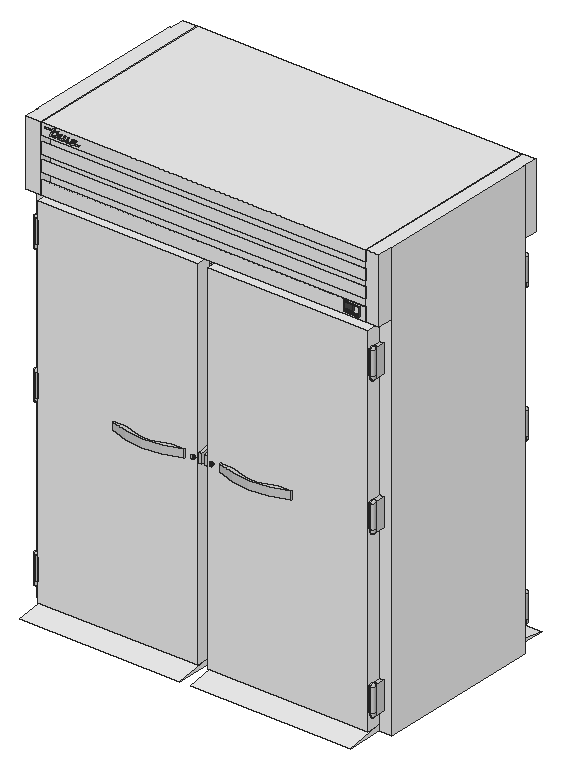
Revit family
Parameters
  Weight in Pounds = 0
  Watts = 4000 W
  Volts = 115 V
  URL Cutsheet = "www.truemfg.com"
  URL = "www.truemfg.com"
  Type Mark [instance] = ""
  Type Comments = ""
  Status [instance] = ""
  Specification by User [instance] = ""
  Specification by Manufacturer = ""
  Show Logo [instance] = yes
  Show Clearance [instance] = yes
  Serial Number = ""
  Seismic Rating = ""
  SMACNA No = ""
  Revision Code [instance] = ""
  Phase = 1
  Omniclass Number and Title = ""
  Number of Poles [instance] = 1
  NAFEM Spec ID Number = ""
  Model = "STG2HRT-2S-2S"
  Min Ckt Ampacity = 0 A
  Max Overcurrent Protection = 0 A
  Masterspec = ""
  Manufacturer = "TRUE FOOD SERVICE EQUIPMENT, INC."
  Length = 68"
  Item Number [instance] = ""
  Installed By [instance] = ""
  Identify Quantity as Lot [instance] = yes
  Height = 83 3/4"
  HP = ""
  Furnished By [instance] = ""
  Foodservice Equipment Identifier [instance] = yes
  FL Amps = Watts / Volts  # 34.7826 A
  Electrical Remarks [instance] = ""
  Electric Connection Type [instance] = ""
  Elec Conn RI Height [instance] = 0"
  Elec Conn Connection Height [instance] = 0"
  Description = "Roll-thru Solid Swing Door Heated Cabinet"
  Depth = 37 1/2"
  Cycle = 60 Hz
  Conn Plug = "14-20P"
  Conn Conduit = yes
  CSI MasterFormat = ""
  CSI Master Format = ""
  Apparent Power = if(Phase = 3, Volts * FL Amps * 1.73, Volts * FL Amps)  # 4000 VA
Reference planes (in)
  plane 1 "BACK": y = 0
  plane 2: z = 0
  plane 3 "LEFT": x = 0
  plane 4 "RIGHT": x = 68
  plane 5 "FRONT": y = -37.5
  plane 6 "TOP": z = 83.75
  plane 7: x = 2.84375
  plane 8: y = -37.4542
  plane 9: x = 34
  plane 10: y = -0.0458
  plane 11: z = 69.90625
Forms (in)
  Extrusion 1, solid, material "QF_Finishes_Chrome - Satin"
    sketch origin (0.05, 0, 0) x (1, 0, 0) y (0, 1, 0)
      loop
        line (-0.05, -2.75) -> (-0.05, -34.75) -> (2.87859, -34.75) -> (2.87859, -2.75) -> (-0.05, -2.75)
    from 0 to 83.75
  Extrusion 2, solid, material "QF_Finishes_Chrome - Satin"
    sketch origin (50.15, 0, 0) x (1, 0, 0) y (0, 1, 0)
      loop
        line (15.15, -2.75) -> (15.15, -34.75) -> (17.85, -34.75) -> (17.85, -2.75) -> (15.15, -2.75)
    from 0 to 83.75
  Extrusion 3, solid, material "QF_Finishes_Chrome - Satin"
    sketch origin (0, 0, 0) x (0, 1, 0) y (0, 0, 1)
      loop
        line (-37.4542, 71.28125) -> (-34.75, 71.28125) -> (-34.75, 68.90625) -> (-2.75, 68.90625) -> (-2.75, 71.28125) -> (-0.0458, 71.28125) -> (-0.0458, 73.94226) -> (-2.25, 72.375) -> (-2.25, 73.65057) -> (-0.0458, 75.21784) -> (-0.0458, 77.31404) -> (-2.25, 75.74678) -> (-2.25, 76.70754) -> (-0.0458, 78.2748) -> (-0.0458, 80.40851) -> (-2.25, 78.84125) -> (-2.25, 79.96352) -> (-0.0458, 81.53078) -> (-0.0458, 83.75) -> (-37.4542, 83.75) -> (-37.4542, 81.53078) -> (-35.25, 79.96352) -> (-35.25, 78.84125) -> (-37.4542, 80.40851) -> (-37.4542, 78.2748) -> (-35.25, 76.70754) -> (-35.25, 75.74678) -> (-37.4542, 77.31404) -> (-37.4542, 75.21784) -> (-35.25, 73.65057) -> (-35.25, 72.375) -> (-37.4542, 73.94226) -> (-37.4542, 71.28125)
      loop
        line (-34.75, 0) -> (-2.75, 0) -> (-2.75, 2) -> (-34.75, 2) -> (-34.75, 0)
    from 2.92859 to 65.3
  Extrusion 4, solid, material "QF_Finishes_Chrome - Satin"
    sketch origin (0, 0, 0) x (1, 0, 0) y (0, 1, 0)
      loop
        line (67.84782, -34.75) -> (65.3, -34.75) -> (65.3, -37.5) -> (67.84782, -37.5) -> (67.84782, -34.75)
      loop
        line (67.84782, -2.75) -> (67.84782, 0) -> (65.3, 0) -> (65.3, -2.75) -> (67.84782, -2.75)
    from 71.28125 to 83.75
  Extrusion 5, solid, material "QF_Finishes_Chrome - Satin"
    sketch origin (-50.125, 0, 0.25) x (1, 0, 0) y (0, 1, 0)
      loop
        line (53.05359, -34.75) -> (50.24109, -34.75) -> (50.24109, -37.5) -> (53.05359, -37.5) -> (53.05359, -34.75)
      loop
        line (53.05359, -2.75) -> (53.05359, 0) -> (50.24109, 0) -> (50.24109, -2.75) -> (53.05359, -2.75)
    from 71.03125 to 83.5
  Extrusion 6, solid, material "QF_Finishes_Handrails and Railings"
    sketch origin (9.34375, -3.83467, -3.5) x (1, 0, 0) y (0, 0, 1)
      loop
        circle (26.4375, 40.0625) r 0.35
      loop
        line (26.47265, 40.33635) -> (26.41715, 40.33635) -> (26.41715, 39.76895) -> (26.47265, 39.76895) -> (26.47265, 40.33635)
    from 33.5 to 33.83066
  Extrusion 7, solid, material "QF_Finishes_Handrails and Railings", visible <- "Show Logo"
    sketch origin (0.33478, -2.68623, 5.13015) x (1, 0, 0) y (0, 0, 1)
      loop
        line (3.46044, 78.08731) -> (3.35478, 77.86073) -> (4.76027, 77.86073)
        arc (4.76027, 77.86073) -> (4.78879, 77.81028) -> (4.76027, 77.75984) r 0.05887
        line (4.76027, 77.75984) -> (4.39369, 76.97372)
        arc (4.39369, 76.97372) -> (4.39051, 76.90091) -> (4.43975, 76.84717) r 0.09523
        line (4.43975, 76.84717) -> (5.33844, 76.84717)
        arc (5.33844, 76.84717) -> (5.45192, 76.88295) -> (5.52436, 76.97735) r 0.19785
        line (5.52436, 76.97735) -> (5.81285, 77.59601) -> (6.0779, 77.59601)
        arc (6.0779, 77.59601) -> (6.14744, 77.57043) -> (6.13737, 77.49703) r 0.05911
        line (6.13737, 77.49703) -> (5.89598, 76.97937)
        arc (5.89598, 76.97937) -> (5.89974, 76.8934) -> (5.97231, 76.84717) r 0.09318
        line (5.97231, 76.84717) -> (6.76198, 76.84717)
        arc (6.76198, 76.84717) -> (6.82249, 76.86919) -> (6.85468, 76.92495) r 0.09412
        arc (6.85468, 76.92495) -> (6.87746, 76.86995) -> (6.93246, 76.84717) r 0.07778
        line (6.93246, 76.84717) -> (7.43246, 76.84717)
        arc (7.43246, 76.84717) -> (7.49022, 76.86265) -> (7.53251, 76.90493) r 0.11552
        arc (7.53251, 76.90493) -> (7.55275, 76.85606) -> (7.60162, 76.83581) r 0.06912
        line (7.60162, 76.83581) -> (8.31225, 76.83581)
        arc (8.31225, 76.83581) -> (8.37034, 76.85988) -> (8.39441, 76.91797) r 0.08216
        arc (8.39441, 76.91797) -> (8.44767, 76.86472) -> (8.52042, 76.84522) r 0.14551
        line (8.52042, 76.84522) -> (9.85158, 76.84522) -> (9.99946, 77.10134) -> (8.65678, 77.10134)
        arc (8.65678, 77.10134) -> (8.61972, 77.12704) -> (8.61834, 77.17211) r 0.05009
        line (8.61834, 77.17211) -> (8.64157, 77.22192)
        arc (8.64157, 77.22192) -> (8.67723, 77.26864) -> (8.73327, 77.28635) r 0.09747
        line (8.73327, 77.28635) -> (9.16485, 77.28635)
        arc (9.16485, 77.28635) -> (9.258, 77.31131) -> (9.32619, 77.3795) r 0.1863
        line (9.32619, 77.3795) -> (9.45119, 77.59601)
        arc (9.45119, 77.59601) -> (9.45119, 77.71157) -> (9.35111, 77.76934) r 0.11556
        line (9.35111, 77.76934) -> (8.89562, 77.76934)
        arc (8.89562, 77.76934) -> (8.7795, 77.74962) -> (8.69849, 77.66412) r 0.18605
        line (8.69849, 77.66412) -> (8.48204, 77.19993)
        arc (8.48204, 77.19993) -> (8.41815, 77.11667) -> (8.31806, 77.08511) r 0.1745
        line (8.31806, 77.08511) -> (7.84559, 77.08511)
        arc (7.84559, 77.08511) -> (7.78903, 77.14684) -> (7.79268, 77.23048) r 0.10939
        line (7.79268, 77.23048) -> (8.04395, 77.76934) -> (7.88403, 77.76934) -> (7.61781, 77.19844)
        arc (7.61781, 77.19844) -> (7.56609, 77.13103) -> (7.48505, 77.10548) r 0.14128
        line (7.48505, 77.10548) -> (7.15925, 77.10548)
        arc (7.15925, 77.10548) -> (7.10419, 77.17723) -> (7.116, 77.26689) r 0.11816
        line (7.116, 77.26689) -> (7.3503, 77.76934) -> (7.18514, 77.76934) -> (6.91546, 77.191)
        arc (6.91546, 77.191) -> (6.85285, 77.12839) -> (6.76733, 77.10548) r 0.17104
        line (6.76733, 77.10548) -> (6.29555, 77.10548)
        arc (6.29555, 77.10548) -> (6.21082, 77.14499) -> (6.20267, 77.23813) r 0.0935
        line (6.20267, 77.23813) -> (6.35774, 77.57069) -> (6.57695, 77.57069)
        arc (6.57695, 77.57069) -> (6.61395, 77.68217) -> (6.69267, 77.76934) r 0.2857
        line (6.69267, 77.76934) -> (5.83605, 77.76934)
        arc (5.83605, 77.76934) -> (5.74086, 77.74824) -> (5.67498, 77.67635) r 0.16212
        line (5.67498, 77.67635) -> (5.44279, 77.17841)
        arc (5.44279, 77.17841) -> (5.3894, 77.12502) -> (5.31647, 77.10548) r 0.14586
        line (5.31647, 77.10548) -> (4.80506, 77.10548)
        arc (4.80506, 77.10548) -> (4.76514, 77.15942) -> (4.77274, 77.22609) r 0.09155
        line (4.77274, 77.22609) -> (5.11018, 77.86073) -> (5.96155, 77.86073) -> (6.06721, 78.08731) -> (5.21584, 78.08731) -> (5.32149, 78.31388) -> (5.01862, 78.31388) -> (4.91297, 78.08731) -> (3.46044, 78.08731)
      loop
        arc (8.83805, 77.56363) -> (8.80119, 77.55375) -> (8.7742, 77.52676) r 0.07373
        line (8.7742, 77.52676) -> (8.75229, 77.45936)
        arc (8.75229, 77.45936) -> (8.76245, 77.43483) -> (8.78699, 77.42466) r 0.0347
        line (8.78699, 77.42466) -> (9.15948, 77.42466)
        arc (9.15948, 77.42466) -> (9.18632, 77.43061) -> (9.20812, 77.44734) r 0.0635
        line (9.20812, 77.44734) -> (9.22624, 77.53122)
        arc (9.22624, 77.53122) -> (9.22091, 77.55368) -> (9.20009, 77.56363) r 0.02676
        line (9.20009, 77.56363) -> (8.83805, 77.56363)
    from 34.76797 to 34.83173
  Extrusion 8, solid, material "QF_Finishes_White"
    sketch origin (-22.74812, -2.7042, -7.90007) x (1, 0, 0) y (0, 0, 1)
      loop
        line (83.81732, 81.35727) -> (83.81732, 79.60996) -> (86.72357, 79.60996) -> (86.72357, 81.35727) -> (83.81732, 81.35727)
    from 34.75 to 34.76797
  Extrusion 9, solid, material "QF_Finishes_Black"
    sketch origin (-22.74812, -2.7042, -7.90007) x (1, 0, 0) y (0, 0, 1)
      loop
        line (86.78607, 81.41977) -> (83.75482, 81.41977) -> (83.75482, 79.54746) -> (86.78607, 79.54746) -> (86.78607, 81.41977)
      loop
        spline (83.95482, 79.87872) -> (83.96333, 79.86254) -> (83.98831, 79.84747) -> (84.02804, 79.83452) -> (84.07982, 79.82459) -> (84.14011, 79.81835) -> (84.20482, 79.81622) -> (84.26952, 79.81835) -> (84.32982, 79.82459) -> (84.38159, 79.83452) -> (84.42132, 79.84747) -> (84.4463, 79.86254) -> (84.45482, 79.87872)
        spline (84.45482, 79.87872) -> (84.4463, 79.89489) -> (84.42132, 79.90997) -> (84.38159, 79.92291) -> (84.32982, 79.93284) -> (84.26952, 79.93909) -> (84.20482, 79.94122) -> (84.14011, 79.93909) -> (84.07982, 79.93284) -> (84.02804, 79.92291) -> (83.98831, 79.90997) -> (83.96333, 79.89489) -> (83.95482, 79.87872)
      loop
        spline (84.65083, 79.87872) -> (84.65935, 79.86254) -> (84.68432, 79.84747) -> (84.72405, 79.83452) -> (84.77583, 79.82459) -> (84.83612, 79.81835) -> (84.90083, 79.81622) -> (84.96553, 79.81835) -> (85.02583, 79.82459) -> (85.07761, 79.83452) -> (85.11734, 79.84747) -> (85.14231, 79.86254) -> (85.15083, 79.87872)
        spline (85.15083, 79.87872) -> (85.14231, 79.89489) -> (85.11734, 79.90997) -> (85.07761, 79.92291) -> (85.02583, 79.93284) -> (84.96553, 79.93909) -> (84.90083, 79.94122) -> (84.83612, 79.93909) -> (84.77583, 79.93284) -> (84.72405, 79.92291) -> (84.68432, 79.90997) -> (84.65935, 79.89489) -> (84.65083, 79.87872)
      loop
        spline (85.40083, 79.87872) -> (85.40935, 79.86254) -> (85.43432, 79.84747) -> (85.47405, 79.83452) -> (85.52583, 79.82459) -> (85.58612, 79.81835) -> (85.65083, 79.81622) -> (85.71553, 79.81835) -> (85.77583, 79.82459) -> (85.82761, 79.83452) -> (85.86734, 79.84747) -> (85.89231, 79.86254) -> (85.90083, 79.87872)
        spline (85.90083, 79.87872) -> (85.89231, 79.89489) -> (85.86734, 79.90997) -> (85.82761, 79.92291) -> (85.77583, 79.93284) -> (85.71553, 79.93909) -> (85.65083, 79.94122) -> (85.58612, 79.93909) -> (85.52583, 79.93284) -> (85.47405, 79.92291) -> (85.43432, 79.90997) -> (85.40935, 79.89489) -> (85.40083, 79.87872)
      loop
        line (83.95481, 81.21978) -> (83.95481, 80.21978) -> (85.65433, 80.21978) -> (85.65433, 81.21978) -> (83.95481, 81.21978)
      loop
        line (86.72357, 81.35727) -> (83.81732, 81.35727) -> (83.81732, 79.60996) -> (86.72357, 79.60996) -> (86.72357, 81.35727)
      loop
        spline (86.15083, 79.87872) -> (86.15935, 79.86254) -> (86.18432, 79.84747) -> (86.22405, 79.83452) -> (86.27583, 79.82459) -> (86.33612, 79.81835) -> (86.40083, 79.81622) -> (86.46553, 79.81835) -> (86.52583, 79.82459) -> (86.57761, 79.83452) -> (86.61734, 79.84747) -> (86.64231, 79.86254) -> (86.65083, 79.87872)
        spline (86.65083, 79.87872) -> (86.64231, 79.89489) -> (86.61734, 79.90997) -> (86.57761, 79.92291) -> (86.52583, 79.93284) -> (86.46553, 79.93909) -> (86.40083, 79.94122) -> (86.33612, 79.93909) -> (86.27583, 79.93284) -> (86.22405, 79.92291) -> (86.18432, 79.90997) -> (86.15935, 79.89489) -> (86.15083, 79.87872)
    from 34.76797 to 34.80335
  Extrusion 10, solid
    sketch origin (-25.125, 0, 0) x (1, 0, 0) y (0, 0, 1)
      loop
        circle (89.875, 81.625) r 0.25
    from 0 to 0.0625
  Blend 11, solid, material "QF_Finishes_Handrails and Railings"
    base sketch origin (60.25, -3.75, -1.5) x (-1, 0, 0) y (0, 0, -1)
      loop
        line (25.25, -38.99169) -> (26, -38.99169) -> (26, -37.24169) -> (25.25, -37.24169) -> (25.25, -38.99169)
    top sketch origin (60.25, 0, -1.5) x (-1, 0, 0) y (0, 0, -1)
      loop
        line (26.18223, -36.6441) -> (25.25, -36.6441) -> (25.25, -39.42643) -> (26.18223, -39.42643) -> (26.18223, -36.6441)
    from 33.57883 to 34.75
  Extrusion 12, solid, material "QF_Finishes_Handrails and Railings"
    sketch origin (66.78125, 0, 2.75) x (0, 1, 0) y (0, 0, -1)
      loop
        line (-34.75, -64.17729) -> (-34.75, -58.86127) -> (-37, -58.86127) -> (-37, -59.57348) -> (-36.56497, -59.57348) -> (-36.56497, -63.97276)
        arc (-36.56497, -63.97276) -> (-36.50506, -64.11738) -> (-36.36044, -64.17729) r 0.20453
        line (-36.36044, -64.17729) -> (-34.75, -64.17729)
    from 0.17506 to 1
  Revolve 13, solid, material "QF_Finishes_Handrails and Railings"
    sketch origin (66.28125, 0, 2.75) x (0, 1, 0) y (0, 0, -1)
      loop
        line (-37.01563, -59.62689) -> (-37.42229, -59.62689) -> (-37.42229, -64.0986)
        arc (-37.42229, -64.0986) -> (-37.28722, -64.35057) -> (-37.01563, -64.43983) r 0.3848
        line (-37.01563, -64.43983) -> (-37.01563, -59.62689)
      loop
        line (-37.01563, -59.57348) -> (-37.01563, -58.67281)
        arc (-37.01563, -58.67281) -> (-37.28264, -58.75883) -> (-37.42229, -59.00212) r 0.38884
        line (-37.42229, -59.00212) -> (-37.42229, -59.57348) -> (-37.01563, -59.57348)
      axis (-37.01563, -58.67281) -> (-37.01563, -64.43983)
    angle from 0 to 360
  Extrusion 14, solid, material "QF_Finishes_Handrails and Railings"
    sketch origin (27.5, -3.82734, 2.7511) x (-1, 0, 0) y (0, 0, -1)
      loop
        line (-38.58509, -64.0986) -> (-38.1875, -64.0986) -> (-38.1875, -59.62579) -> (-38.58509, -59.62579) -> (-38.58509, -64.0986)
    from 32.81497 to 33.59495
  Extrusion 15, solid, material "QF_Finishes_Handrails and Railings"
    sketch origin (66.78125, 0, -24) x (0, 1, 0) y (0, 0, -1)
      loop
        line (-34.75, -64.55229) -> (-34.75, -59.23627) -> (-37, -59.23627) -> (-37, -59.94848) -> (-36.56497, -59.94848) -> (-36.56497, -64.34776)
        arc (-36.56497, -64.34776) -> (-36.50506, -64.49238) -> (-36.36044, -64.55229) r 0.20453
        line (-36.36044, -64.55229) -> (-34.75, -64.55229)
    from 0.17506 to 1
  Revolve 16, solid, material "QF_Finishes_Handrails and Railings"
    sketch origin (66.28125, 0, -24) x (0, 1, 0) y (0, 0, -1)
      loop
        line (-37.01563, -60.00189) -> (-37.42229, -60.00189) -> (-37.42229, -64.4736)
        arc (-37.42229, -64.4736) -> (-37.28722, -64.72557) -> (-37.01563, -64.81483) r 0.3848
        line (-37.01563, -64.81483) -> (-37.01563, -60.00189)
      loop
        line (-37.01563, -59.94848) -> (-37.01563, -59.04781)
        arc (-37.01563, -59.04781) -> (-37.28264, -59.13383) -> (-37.42229, -59.37712) r 0.38884
        line (-37.42229, -59.37712) -> (-37.42229, -59.94848) -> (-37.01563, -59.94848)
      axis (-37.01563, -59.04781) -> (-37.01563, -64.81483)
    angle from 0 to 360
  Extrusion 17, solid, material "QF_Finishes_Handrails and Railings"
    sketch origin (27.5, -3.82734, -23.9989) x (-1, 0, 0) y (0, 0, -1)
      loop
        line (-38.58509, -64.4736) -> (-38.1875, -64.4736) -> (-38.1875, -60.00079) -> (-38.58509, -60.00079) -> (-38.58509, -64.4736)
    from 32.81497 to 33.59495
  Extrusion 18, solid, material "QF_Finishes_Handrails and Railings"
    sketch origin (66.78125, 0, -55.5) x (0, 1, 0) y (0, 0, -1)
      loop
        line (-34.75, -64.55229) -> (-34.75, -59.23627) -> (-37, -59.23627) -> (-37, -59.94848) -> (-36.56497, -59.94848) -> (-36.56497, -64.34776)
        arc (-36.56497, -64.34776) -> (-36.50506, -64.49238) -> (-36.36044, -64.55229) r 0.20453
        line (-36.36044, -64.55229) -> (-34.75, -64.55229)
    from 0.17506 to 1
  Revolve 19, solid, material "QF_Finishes_Handrails and Railings"
    sketch origin (66.28125, 0, -55.5) x (0, 1, 0) y (0, 0, -1)
      loop
        line (-37.01563, -60.00189) -> (-37.42229, -60.00189) -> (-37.42229, -64.4736)
        arc (-37.42229, -64.4736) -> (-37.28722, -64.72557) -> (-37.01563, -64.81483) r 0.3848
        line (-37.01563, -64.81483) -> (-37.01563, -60.00189)
      loop
        line (-37.01563, -59.94848) -> (-37.01563, -59.04781)
        arc (-37.01563, -59.04781) -> (-37.28264, -59.13383) -> (-37.42229, -59.37712) r 0.38884
        line (-37.42229, -59.37712) -> (-37.42229, -59.94848) -> (-37.01563, -59.94848)
      axis (-37.01563, -59.04781) -> (-37.01563, -64.81483)
    angle from 0 to 360
  Extrusion 20, solid, material "QF_Finishes_Handrails and Railings"
    sketch origin (27.5, -3.82734, -55.4989) x (-1, 0, 0) y (0, 0, -1)
      loop
        line (-38.58509, -64.4736) -> (-38.1875, -64.4736) -> (-38.1875, -60.00079) -> (-38.58509, -60.00079) -> (-38.58509, -64.4736)
    from 32.81497 to 33.59495
  Extrusion 21, solid, material "QF_Finishes_Chrome - Satin"
    sketch origin (65.6875, -3.75, 8.03125) x (0, 0, 1) y (0, -1, 0)
      loop
        line (-8.03125, 37.875) -> (-8.03125, 31) -> (-7.03125, 31) -> (-8.03125, 37.875)
    from 0 to -30.6875
  Extrusion 22, solid, material "QF_Finishes_Chrome - Satin"
    sketch origin (59.96875, -3.75, -0.71875) x (-1, 0, 0) y (0, 0, -1)
      loop
        line (26.96875, -1.71875) -> (26.96875, -70.625) -> (57.65625, -70.625) -> (57.65625, -1.71875) -> (26.96875, -1.71875)
      loop
        line (24.96875, -1.71875) -> (-5.71875, -1.71875) -> (-5.71875, -70.625) -> (24.96875, -70.625) -> (24.96875, -1.71875)
    from 31 to 33.75
  Extrusion 23, solid, material "QF_Finishes_Handrails and Railings"
    sketch origin (58.65625, -3.83467, -3.5) x (-1, 0, 0) y (0, 0, -1)
      loop
        circle (26.4375, -40.0625) r 0.35
      loop
        line (26.47265, -40.33635) -> (26.47265, -39.76895) -> (26.41715, -39.76895) -> (26.41715, -40.33635) -> (26.47265, -40.33635)
    from 33.5 to 33.83066
  Blend 24, solid, material "QF_Finishes_Handrails and Railings"
    base sketch origin (7.75, -3.75, -1.5) x (1, 0, 0) y (0, 0, 1)
      loop
        line (25.25, 38.99169) -> (25.25, 37.24169) -> (26, 37.24169) -> (26, 38.99169) -> (25.25, 38.99169)
    top sketch origin (7.75, 0, -1.5) x (1, 0, 0) y (0, 0, 1)
      loop
        line (26.18223, 36.6441) -> (26.18223, 39.42643) -> (25.25, 39.42643) -> (25.25, 36.6441) -> (26.18223, 36.6441)
    from 33.57883 to 34.75
  Extrusion 25, solid, material "QF_Finishes_Handrails and Railings"
    sketch origin (1.21875, 0, 2.75) x (0, 1, 0) y (0, 0, 1)
      loop
        line (-34.75, 64.17729) -> (-36.36044, 64.17729)
        arc (-36.36044, 64.17729) -> (-36.50506, 64.11738) -> (-36.56497, 63.97276) r 0.20453
        line (-36.56497, 63.97276) -> (-36.56497, 59.57348) -> (-37, 59.57348) -> (-37, 58.86127) -> (-34.75, 58.86127) -> (-34.75, 64.17729)
    from 0.17506 to 1
  Revolve 26, solid, material "QF_Finishes_Handrails and Railings"
    sketch origin (1.71875, 0, 2.75) x (0, 1, 0) y (0, 0, 1)
      loop
        line (-37.01563, 59.62689) -> (-37.01563, 64.43983)
        arc (-37.01563, 64.43983) -> (-37.28722, 64.35057) -> (-37.42229, 64.0986) r 0.3848
        line (-37.42229, 64.0986) -> (-37.42229, 59.62689) -> (-37.01563, 59.62689)
      loop
        line (-37.01563, 59.57348) -> (-37.42229, 59.57348) -> (-37.42229, 59.00212)
        arc (-37.42229, 59.00212) -> (-37.28264, 58.75883) -> (-37.01563, 58.67281) r 0.38884
        line (-37.01563, 58.67281) -> (-37.01563, 59.57348)
      axis (-37.01563, 58.67281) -> (-37.01563, 64.43983)
    angle from 0 to 360
  Extrusion 27, solid, material "QF_Finishes_Handrails and Railings"
    sketch origin (40.5, -3.82734, 2.7511) x (1, 0, 0) y (0, 0, 1)
      loop
        line (-38.58509, 64.0986) -> (-38.58509, 59.62579) -> (-38.1875, 59.62579) -> (-38.1875, 64.0986) -> (-38.58509, 64.0986)
    from 32.81497 to 33.59495
  Extrusion 28, solid, material "QF_Finishes_Handrails and Railings"
    sketch origin (1.21875, 0, -24) x (0, 1, 0) y (0, 0, 1)
      loop
        line (-34.75, 64.55229) -> (-36.36044, 64.55229)
        arc (-36.36044, 64.55229) -> (-36.50506, 64.49238) -> (-36.56497, 64.34776) r 0.20453
        line (-36.56497, 64.34776) -> (-36.56497, 59.94848) -> (-37, 59.94848) -> (-37, 59.23627) -> (-34.75, 59.23627) -> (-34.75, 64.55229)
    from 0.17506 to 1
  Revolve 29, solid, material "QF_Finishes_Handrails and Railings"
    sketch origin (1.71875, 0, -24) x (0, 1, 0) y (0, 0, 1)
      loop
        line (-37.01563, 60.00189) -> (-37.01563, 64.81483)
        arc (-37.01563, 64.81483) -> (-37.28722, 64.72557) -> (-37.42229, 64.4736) r 0.3848
        line (-37.42229, 64.4736) -> (-37.42229, 60.00189) -> (-37.01563, 60.00189)
      loop
        line (-37.01563, 59.94848) -> (-37.42229, 59.94848) -> (-37.42229, 59.37712)
        arc (-37.42229, 59.37712) -> (-37.28264, 59.13383) -> (-37.01563, 59.04781) r 0.38884
        line (-37.01563, 59.04781) -> (-37.01563, 59.94848)
      axis (-37.01563, 59.04781) -> (-37.01563, 64.81483)
    angle from 0 to 360
  Extrusion 30, solid, material "QF_Finishes_Handrails and Railings"
    sketch origin (40.5, -3.82734, -23.9989) x (1, 0, 0) y (0, 0, 1)
      loop
        line (-38.58509, 64.4736) -> (-38.58509, 60.00079) -> (-38.1875, 60.00079) -> (-38.1875, 64.4736) -> (-38.58509, 64.4736)
    from 32.81497 to 33.59495
  Extrusion 31, solid, material "QF_Finishes_Handrails and Railings"
    sketch origin (1.21875, 0, -55.5) x (0, 1, 0) y (0, 0, 1)
      loop
        line (-34.75, 64.55229) -> (-36.36044, 64.55229)
        arc (-36.36044, 64.55229) -> (-36.50506, 64.49238) -> (-36.56497, 64.34776) r 0.20453
        line (-36.56497, 64.34776) -> (-36.56497, 59.94848) -> (-37, 59.94848) -> (-37, 59.23627) -> (-34.75, 59.23627) -> (-34.75, 64.55229)
    from 0.17506 to 1
  Revolve 32, solid, material "QF_Finishes_Handrails and Railings"
    sketch origin (1.71875, 0, -55.5) x (0, 1, 0) y (0, 0, 1)
      loop
        line (-37.01563, 60.00189) -> (-37.01563, 64.81483)
        arc (-37.01563, 64.81483) -> (-37.28722, 64.72557) -> (-37.42229, 64.4736) r 0.3848
        line (-37.42229, 64.4736) -> (-37.42229, 60.00189) -> (-37.01563, 60.00189)
      loop
        line (-37.01563, 59.94848) -> (-37.42229, 59.94848) -> (-37.42229, 59.37712)
        arc (-37.42229, 59.37712) -> (-37.28264, 59.13383) -> (-37.01563, 59.04781) r 0.38884
        line (-37.01563, 59.04781) -> (-37.01563, 59.94848)
      axis (-37.01563, 59.04781) -> (-37.01563, 64.81483)
    angle from 0 to 360
  Extrusion 33, solid, material "QF_Finishes_Handrails and Railings"
    sketch origin (40.5, -3.82734, -55.4989) x (1, 0, 0) y (0, 0, 1)
      loop
        line (-38.58509, 64.4736) -> (-38.58509, 60.00079) -> (-38.1875, 60.00079) -> (-38.1875, 64.4736) -> (-38.58509, 64.4736)
    from 32.81497 to 33.59495
  Extrusion 34, solid, material "QF_Finishes_Chrome - Satin"
    sketch origin (2.3125, -3.75, 8.03125) x (0, 0, 1) y (0, 1, 0)
      loop
        line (-8.03125, -37.875) -> (-7.03125, -31) -> (-8.03125, -31) -> (-8.03125, -37.875)
    from 0 to -30.6875
  Extrusion 35, solid, material "QF_Finishes_Door Clearance", visible <- "Show Clearance", detail levels coarse
    sketch origin (32.71875, -3.75, 1) x (0, 1, 0) y (1, 0, 0)
      loop
        line (-33.75, -30.40625) -> (-33.75, 0.28125)
        arc (-33.75, 0.28125) -> (-55.44934, -8.70691) -> (-64.4375, -30.40625) r 30.6875
        line (-64.4375, -30.40625) -> (-33.75, -30.40625)
      loop
        line (-33.75, 32.96875) -> (-64.4375, 32.96875)
        arc (-64.4375, 32.96875) -> (-55.44934, 11.26941) -> (-33.75, 2.28125) r 30.6875
        line (-33.75, 2.28125) -> (-33.75, 32.96875)
    from 0 to -68.90625
  Extrusion 36, solid, material "QF_Finishes_Chrome - Satin"
    sketch origin (8.03125, -33.75, -0.71875) x (1, 0, 0) y (0, 0, -1)
      loop
        line (26.96875, -1.71875) -> (26.96875, -70.625) -> (57.65625, -70.625) -> (57.65625, -1.71875) -> (26.96875, -1.71875)
    from 31 to 33.75
  Extrusion 37, solid, material "QF_Finishes_Handrails and Railings"
    sketch origin (91.34375, -37.25, 24.93519) x (-1, 0, 0) y (0, -1, 0)
      loop
        line (53.875, -37.25) -> (51.475, -37.25)
        arc (51.475, -37.25) -> (47.075, -38.40816) -> (42.675, -37.25) r 8.93715
        line (42.675, -37.25) -> (40.275, -37.25) -> (40.275, -37.45)
        arc (40.275, -37.45) -> (47.075, -38.89405) -> (53.875, -37.45) r 16.7325
        line (53.875, -37.45) -> (53.875, -37.25)
    from 10.87731 to 12.37731
  Extrusion 38, solid, material "QF_Finishes_Handrails and Railings"
    sketch origin (9.34375, -33.66533, -3.5) x (1, 0, 0) y (0, 0, -1)
      loop
        circle (26.4375, -40.0625) r 0.35
      loop
        line (26.47265, -40.33635) -> (26.47265, -39.76895) -> (26.41715, -39.76895) -> (26.41715, -40.33635) -> (26.47265, -40.33635)
    from 33.5 to 33.83066
  Blend 39, solid, material "QF_Finishes_Handrails and Railings"
    base sketch origin (60.25, -33.75, -1.5) x (-1, 0, 0) y (0, 0, 1)
      loop
        line (25.25, 38.99169) -> (25.25, 37.24169) -> (26, 37.24169) -> (26, 38.99169) -> (25.25, 38.99169)
    top sketch origin (60.25, -37.5, -1.5) x (-1, 0, 0) y (0, 0, 1)
      loop
        line (26.18223, 36.6441) -> (26.18223, 39.42643) -> (25.25, 39.42643) -> (25.25, 36.6441) -> (26.18223, 36.6441)
    from 33.57883 to 34.75
  Extrusion 40, solid, material "QF_Finishes_Handrails and Railings"
    sketch origin (66.78125, -37.5, 2.75) x (0, -1, 0) y (0, 0, 1)
      loop
        line (-34.75, 64.17729) -> (-36.36044, 64.17729)
        arc (-36.36044, 64.17729) -> (-36.50506, 64.11738) -> (-36.56497, 63.97276) r 0.20453
        line (-36.56497, 63.97276) -> (-36.56497, 59.57348) -> (-37, 59.57348) -> (-37, 58.86127) -> (-34.75, 58.86127) -> (-34.75, 64.17729)
    from 0.17506 to 1
  Revolve 41, solid, material "QF_Finishes_Handrails and Railings"
    sketch origin (66.28125, -37.5, 2.75) x (0, -1, 0) y (0, 0, 1)
      loop
        line (-37.01563, 59.62689) -> (-37.01563, 64.43983)
        arc (-37.01563, 64.43983) -> (-37.28722, 64.35057) -> (-37.42229, 64.0986) r 0.3848
        line (-37.42229, 64.0986) -> (-37.42229, 59.62689) -> (-37.01563, 59.62689)
      loop
        line (-37.01563, 59.57348) -> (-37.42229, 59.57348) -> (-37.42229, 59.00212)
        arc (-37.42229, 59.00212) -> (-37.28264, 58.75883) -> (-37.01563, 58.67281) r 0.38884
        line (-37.01563, 58.67281) -> (-37.01563, 59.57348)
      axis (-37.01563, 58.67281) -> (-37.01563, 64.43983)
    angle from 0 to 360
  Extrusion 42, solid, material "QF_Finishes_Handrails and Railings"
    sketch origin (27.5, -33.67266, 2.7511) x (-1, 0, 0) y (0, 0, 1)
      loop
        line (-38.58509, 64.0986) -> (-38.58509, 59.62579) -> (-38.1875, 59.62579) -> (-38.1875, 64.0986) -> (-38.58509, 64.0986)
    from 32.81497 to 33.59495
  Extrusion 43, solid, material "QF_Finishes_Handrails and Railings"
    sketch origin (66.78125, -37.5, -24) x (0, -1, 0) y (0, 0, 1)
      loop
        line (-34.75, 64.55229) -> (-36.36044, 64.55229)
        arc (-36.36044, 64.55229) -> (-36.50506, 64.49238) -> (-36.56497, 64.34776) r 0.20453
        line (-36.56497, 64.34776) -> (-36.56497, 59.94848) -> (-37, 59.94848) -> (-37, 59.23627) -> (-34.75, 59.23627) -> (-34.75, 64.55229)
    from 0.17506 to 1
  Revolve 44, solid, material "QF_Finishes_Handrails and Railings"
    sketch origin (66.28125, -37.5, -24) x (0, -1, 0) y (0, 0, 1)
      loop
        line (-37.01563, 60.00189) -> (-37.01563, 64.81483)
        arc (-37.01563, 64.81483) -> (-37.28722, 64.72557) -> (-37.42229, 64.4736) r 0.3848
        line (-37.42229, 64.4736) -> (-37.42229, 60.00189) -> (-37.01563, 60.00189)
      loop
        line (-37.01563, 59.94848) -> (-37.42229, 59.94848) -> (-37.42229, 59.37712)
        arc (-37.42229, 59.37712) -> (-37.28264, 59.13383) -> (-37.01563, 59.04781) r 0.38884
        line (-37.01563, 59.04781) -> (-37.01563, 59.94848)
      axis (-37.01563, 59.04781) -> (-37.01563, 64.81483)
    angle from 0 to 360
  Extrusion 45, solid, material "QF_Finishes_Handrails and Railings"
    sketch origin (27.5, -33.67266, -23.9989) x (-1, 0, 0) y (0, 0, 1)
      loop
        line (-38.58509, 64.4736) -> (-38.58509, 60.00079) -> (-38.1875, 60.00079) -> (-38.1875, 64.4736) -> (-38.58509, 64.4736)
    from 32.81497 to 33.59495
  Extrusion 46, solid, material "QF_Finishes_Handrails and Railings"
    sketch origin (66.78125, -37.5, -55.5) x (0, -1, 0) y (0, 0, 1)
      loop
        line (-34.75, 64.55229) -> (-36.36044, 64.55229)
        arc (-36.36044, 64.55229) -> (-36.50506, 64.49238) -> (-36.56497, 64.34776) r 0.20453
        line (-36.56497, 64.34776) -> (-36.56497, 59.94848) -> (-37, 59.94848) -> (-37, 59.23627) -> (-34.75, 59.23627) -> (-34.75, 64.55229)
    from 0.17506 to 1
  Revolve 47, solid, material "QF_Finishes_Handrails and Railings"
    sketch origin (66.28125, -37.5, -55.5) x (0, -1, 0) y (0, 0, 1)
      loop
        line (-37.01563, 60.00189) -> (-37.01563, 64.81483)
        arc (-37.01563, 64.81483) -> (-37.28722, 64.72557) -> (-37.42229, 64.4736) r 0.3848
        line (-37.42229, 64.4736) -> (-37.42229, 60.00189) -> (-37.01563, 60.00189)
      loop
        line (-37.01563, 59.94848) -> (-37.42229, 59.94848) -> (-37.42229, 59.37712)
        arc (-37.42229, 59.37712) -> (-37.28264, 59.13383) -> (-37.01563, 59.04781) r 0.38884
        line (-37.01563, 59.04781) -> (-37.01563, 59.94848)
      axis (-37.01563, 59.04781) -> (-37.01563, 64.81483)
    angle from 0 to 360
  Extrusion 48, solid, material "QF_Finishes_Handrails and Railings"
    sketch origin (27.5, -33.67266, -55.4989) x (-1, 0, 0) y (0, 0, 1)
      loop
        line (-38.58509, 64.4736) -> (-38.58509, 60.00079) -> (-38.1875, 60.00079) -> (-38.1875, 64.4736) -> (-38.58509, 64.4736)
    from 32.81497 to 33.59495
  Extrusion 49, solid, material "QF_Finishes_Chrome - Satin"
    sketch origin (65.6875, -33.75, 8.03125) x (0, 0, 1) y (0, -1, 0)
      loop
        line (-8.03125, -37.875) -> (-7.03125, -31) -> (-8.03125, -31) -> (-8.03125, -37.875)
    from 0 to -30.6875
  Extrusion 50, solid, material "QF_Finishes_Chrome - Satin"
    sketch origin (59.96875, -33.75, -0.71875) x (-1, 0, 0) y (0, 0, 1)
      loop
        line (26.96875, 1.71875) -> (57.65625, 1.71875) -> (57.65625, 70.625) -> (26.96875, 70.625) -> (26.96875, 1.71875)
    from 31 to 33.75
  Extrusion 51, solid, material "QF_Finishes_Handrails and Railings"
    sketch origin (-23.34375, -37.25, 24.93519) x (-1, 0, 0) y (0, -1, 0)
      loop
        line (-53.875, -37.25) -> (-53.875, -37.45)
        arc (-53.875, -37.45) -> (-47.075, -38.89405) -> (-40.275, -37.45) r 16.7325
        line (-40.275, -37.45) -> (-40.275, -37.25) -> (-42.675, -37.25)
        arc (-42.675, -37.25) -> (-47.075, -38.40816) -> (-51.475, -37.25) r 8.93715
        line (-51.475, -37.25) -> (-53.875, -37.25)
    from 10.87731 to 12.37731
  Extrusion 52, solid, material "QF_Finishes_Handrails and Railings"
    sketch origin (58.65625, -33.66533, -3.5) x (-1, 0, 0) y (0, 0, 1)
      loop
        circle (26.4375, 40.0625) r 0.35
      loop
        line (26.47265, 40.33635) -> (26.41715, 40.33635) -> (26.41715, 39.76895) -> (26.47265, 39.76895) -> (26.47265, 40.33635)
    from 33.5 to 33.83066
  Blend 53, solid, material "QF_Finishes_Handrails and Railings"
    base sketch origin (7.75, -33.75, -1.5) x (1, 0, 0) y (0, 0, -1)
      loop
        line (25.25, -38.99169) -> (26, -38.99169) -> (26, -37.24169) -> (25.25, -37.24169) -> (25.25, -38.99169)
    top sketch origin (7.75, -37.5, -1.5) x (1, 0, 0) y (0, 0, -1)
      loop
        line (26.18223, -36.6441) -> (25.25, -36.6441) -> (25.25, -39.42643) -> (26.18223, -39.42643) -> (26.18223, -36.6441)
    from 33.57883 to 34.75
  Extrusion 54, solid, material "QF_Finishes_Handrails and Railings"
    sketch origin (1.21875, -37.5, 2.75) x (0, -1, 0) y (0, 0, -1)
      loop
        line (-34.75, -64.17729) -> (-34.75, -58.86127) -> (-37, -58.86127) -> (-37, -59.57348) -> (-36.56497, -59.57348) -> (-36.56497, -63.97276)
        arc (-36.56497, -63.97276) -> (-36.50506, -64.11738) -> (-36.36044, -64.17729) r 0.20453
        line (-36.36044, -64.17729) -> (-34.75, -64.17729)
    from 0.17506 to 1
  Revolve 55, solid, material "QF_Finishes_Handrails and Railings"
    sketch origin (1.71875, -37.5, 2.75) x (0, -1, 0) y (0, 0, -1)
      loop
        line (-37.01563, -59.62689) -> (-37.42229, -59.62689) -> (-37.42229, -64.0986)
        arc (-37.42229, -64.0986) -> (-37.28722, -64.35057) -> (-37.01563, -64.43983) r 0.3848
        line (-37.01563, -64.43983) -> (-37.01563, -59.62689)
      loop
        line (-37.01563, -59.57348) -> (-37.01563, -58.67281)
        arc (-37.01563, -58.67281) -> (-37.28264, -58.75883) -> (-37.42229, -59.00212) r 0.38884
        line (-37.42229, -59.00212) -> (-37.42229, -59.57348) -> (-37.01563, -59.57348)
      axis (-37.01563, -58.67281) -> (-37.01563, -64.43983)
    angle from 0 to 360
  Extrusion 56, solid, material "QF_Finishes_Handrails and Railings"
    sketch origin (40.5, -33.67266, 2.7511) x (1, 0, 0) y (0, 0, -1)
      loop
        line (-38.58509, -64.0986) -> (-38.1875, -64.0986) -> (-38.1875, -59.62579) -> (-38.58509, -59.62579) -> (-38.58509, -64.0986)
    from 32.81497 to 33.59495
  Extrusion 57, solid, material "QF_Finishes_Handrails and Railings"
    sketch origin (1.21875, -37.5, -24) x (0, -1, 0) y (0, 0, -1)
      loop
        line (-34.75, -64.55229) -> (-34.75, -59.23627) -> (-37, -59.23627) -> (-37, -59.94848) -> (-36.56497, -59.94848) -> (-36.56497, -64.34776)
        arc (-36.56497, -64.34776) -> (-36.50506, -64.49238) -> (-36.36044, -64.55229) r 0.20453
        line (-36.36044, -64.55229) -> (-34.75, -64.55229)
    from 0.17506 to 1
  Revolve 58, solid, material "QF_Finishes_Handrails and Railings"
    sketch origin (1.71875, -37.5, -24) x (0, -1, 0) y (0, 0, -1)
      loop
        line (-37.01563, -60.00189) -> (-37.42229, -60.00189) -> (-37.42229, -64.4736)
        arc (-37.42229, -64.4736) -> (-37.28722, -64.72557) -> (-37.01563, -64.81483) r 0.3848
        line (-37.01563, -64.81483) -> (-37.01563, -60.00189)
      loop
        line (-37.01563, -59.94848) -> (-37.01563, -59.04781)
        arc (-37.01563, -59.04781) -> (-37.28264, -59.13383) -> (-37.42229, -59.37712) r 0.38884
        line (-37.42229, -59.37712) -> (-37.42229, -59.94848) -> (-37.01563, -59.94848)
      axis (-37.01563, -59.04781) -> (-37.01563, -64.81483)
    angle from 0 to 360
  Extrusion 59, solid, material "QF_Finishes_Handrails and Railings"
    sketch origin (40.5, -33.67266, -23.9989) x (1, 0, 0) y (0, 0, -1)
      loop
        line (-38.58509, -64.4736) -> (-38.1875, -64.4736) -> (-38.1875, -60.00079) -> (-38.58509, -60.00079) -> (-38.58509, -64.4736)
    from 32.81497 to 33.59495
  Extrusion 60, solid, material "QF_Finishes_Handrails and Railings"
    sketch origin (1.21875, -37.5, -55.5) x (0, -1, 0) y (0, 0, -1)
      loop
        line (-34.75, -64.55229) -> (-34.75, -59.23627) -> (-37, -59.23627) -> (-37, -59.94848) -> (-36.56497, -59.94848) -> (-36.56497, -64.34776)
        arc (-36.56497, -64.34776) -> (-36.50506, -64.49238) -> (-36.36044, -64.55229) r 0.20453
        line (-36.36044, -64.55229) -> (-34.75, -64.55229)
    from 0.17506 to 1
  Revolve 61, solid, material "QF_Finishes_Handrails and Railings"
    sketch origin (1.71875, -37.5, -55.5) x (0, -1, 0) y (0, 0, -1)
      loop
        line (-37.01563, -60.00189) -> (-37.42229, -60.00189) -> (-37.42229, -64.4736)
        arc (-37.42229, -64.4736) -> (-37.28722, -64.72557) -> (-37.01563, -64.81483) r 0.3848
        line (-37.01563, -64.81483) -> (-37.01563, -60.00189)
      loop
        line (-37.01563, -59.94848) -> (-37.01563, -59.04781)
        arc (-37.01563, -59.04781) -> (-37.28264, -59.13383) -> (-37.42229, -59.37712) r 0.38884
        line (-37.42229, -59.37712) -> (-37.42229, -59.94848) -> (-37.01563, -59.94848)
      axis (-37.01563, -59.04781) -> (-37.01563, -64.81483)
    angle from 0 to 360
  Extrusion 62, solid, material "QF_Finishes_Handrails and Railings"
    sketch origin (40.5, -33.67266, -55.4989) x (1, 0, 0) y (0, 0, -1)
      loop
        line (-38.58509, -64.4736) -> (-38.1875, -64.4736) -> (-38.1875, -60.00079) -> (-38.58509, -60.00079) -> (-38.58509, -64.4736)
    from 32.81497 to 33.59495
  Extrusion 63, solid, material "QF_Finishes_Chrome - Satin"
    sketch origin (2.3125, -33.75, 8.03125) x (0, 0, 1) y (0, 1, 0)
      loop
        line (-8.03125, 37.875) -> (-8.03125, 31) -> (-7.03125, 31) -> (-8.03125, 37.875)
    from 0 to -30.6875
  Extrusion 64, solid, material "QF_Finishes_Door Clearance", visible <- "Show Clearance", detail levels coarse
    sketch origin (32.71875, -33.75, 1) x (0, 1, 0) y (1, 0, 0)
      loop
        line (33.75, -30.40625) -> (64.4375, -30.40625)
        arc (64.4375, -30.40625) -> (55.44934, -8.70691) -> (33.75, 0.28125) r 30.6875
        line (33.75, 0.28125) -> (33.75, -30.40625)
      loop
        line (33.75, 32.96875) -> (33.75, 2.28125)
        arc (33.75, 2.28125) -> (55.44934, 11.26941) -> (64.4375, 32.96875) r 30.6875
        line (64.4375, 32.96875) -> (33.75, 32.96875)
    from 0 to -68.90625
  Extrusion 65, solid, material "QF_Finishes_Chrome - Satin"
    sketch origin (0, -37.5, 2) x (0, 1, 0) y (-1, 0, 0)
      loop
        line (3.75, -32) -> (2.75, -32) -> (2.75, -36) -> (3.75, -36) -> (3.75, -32)
      loop
        line (33.75, -32) -> (33.75, -36) -> (34.75, -36) -> (34.75, -32) -> (33.75, -32)
    from 0 to 66.90625
  Extrusion 66, solid, material "QF_Finishes_Handrails and Railings"
    sketch origin (91.34375, -0.25, 24.93519) x (1, 0, 0) y (0, 1, 0)
      loop
        line (-53.875, -37.25) -> (-53.875, -37.45)
        arc (-53.875, -37.45) -> (-47.075, -38.89405) -> (-40.275, -37.45) r 16.7325
        line (-40.275, -37.45) -> (-40.275, -37.25) -> (-42.675, -37.25)
        arc (-42.675, -37.25) -> (-47.075, -38.40816) -> (-51.475, -37.25) r 8.93715
        line (-51.475, -37.25) -> (-53.875, -37.25)
    from 10.87731 to 12.37731
  Extrusion 67, solid, material "QF_Finishes_Handrails and Railings"
    sketch origin (-23.34375, -0.25, 24.93519) x (1, 0, 0) y (0, 1, 0)
      loop
        line (53.875, -37.25) -> (51.475, -37.25)
        arc (51.475, -37.25) -> (47.075, -38.40816) -> (42.675, -37.25) r 8.93715
        line (42.675, -37.25) -> (40.275, -37.25) -> (40.275, -37.45)
        arc (40.275, -37.45) -> (47.075, -38.89405) -> (53.875, -37.45) r 16.7325
        line (53.875, -37.45) -> (53.875, -37.25)
    from 10.87731 to 12.37731
Cuts and joins
  joined: Extrusion 1, Extrusion 2, Extrusion 4, Extrusion 5
Lines and regions (in)
  symbolic lines
    curve 1: line (0, 0, 0) -> (68, 0, 0)
    curve 2: line (0, -37.5, 0) -> (0, 0, 0)
    curve 3: line (68, -37.5, 0) -> (0, -37.5, 0)
    curve 4: line (68, 0, 0) -> (68, -37.5, 0)
    curve 5: line (68, -35.25, 0) -> (0, -35.25, 0)
    curve 10: arc (28.13125, 0, 0) -> (23.73125, 1.15816, 0) -> (19.33125, 0, 0) r 8.93715
    curve 11: arc (16.93125, 0.2, 0) -> (23.73125, 1.64405, 0) -> (30.53125, 0.2, 0) r 16.7325
    curve 12: line (16.93125, 0, 0) -> (16.93125, 0.2, 0)
    curve 13: line (30.53125, 0.2, 0) -> (30.53125, 0, 0)
    curve 14: arc (48.66875, 0, 0) -> (44.26875, 1.15816, 0) -> (39.86875, 0, 0) r 8.93715
    curve 15: arc (37.46875, 0.2, 0) -> (44.26875, 1.64405, 0) -> (51.06875, 0.2, 0) r 16.7325
    curve 16: line (37.46875, 0, 0) -> (37.46875, 0.2, 0)
    curve 17: line (51.06875, 0.2, 0) -> (51.06875, 0, 0)
    curve 22: line (68, -2.25, 0) -> (0, -2.25, 0)
    curve 23: arc (28.13125, -37.5, 0) -> (23.73125, -38.65816, 0) -> (19.33125, -37.5, 0) r 8.93715
    curve 24: arc (16.93125, -37.7, 0) -> (23.73125, -39.14405, 0) -> (30.53125, -37.7, 0) r 16.7325
    curve 25: line (16.93125, -37.5, 0) -> (16.93125, -37.7, 0)
    curve 26: line (30.53125, -37.7, 0) -> (30.53125, -37.5, 0)
    curve 27: arc (48.66875, -37.5, 0) -> (44.26875, -38.65816, 0) -> (39.86875, -37.5, 0) r 8.93715
    curve 28: arc (37.46875, -37.7, 0) -> (44.26875, -39.14405, 0) -> (51.06875, -37.7, 0) r 16.7325
    curve 29: line (37.46875, -37.5, 0) -> (37.46875, -37.7, 0)
    curve 30: line (51.06875, -37.7, 0) -> (51.06875, -37.5, 0)
  symbolic lines, style "QF_Door Swings", visible <- "Show Clearance", detail levels coarse
    curve 6: line (2.3125, -37.5, 0) -> (2.3125, -68.1875, 0)
    curve 7: arc (33, -37.5, 0) -> (24.01184, -59.19934, 0) -> (2.3125, -68.1875, 0) r 30.6875
    curve 8: arc (65.6875, -68.1875, 0) -> (43.98816, -59.19934, 0) -> (35, -37.5, 0) r 30.6875
    curve 9: line (65.6875, -68.1875, 0) -> (65.6875, -37.5, 0)
    curve 18: line (2.3125, 0, 0) -> (2.3125, 30.6875, 0)
    curve 19: arc (33, 0, 0) -> (24.01184, 21.69934, 0) -> (2.3125, 30.6875, 0) r 30.6875
    curve 20: arc (65.6875, 30.6875, 0) -> (43.98816, 21.69934, 0) -> (35, 0, 0) r 30.6875
    curve 21: line (65.6875, 30.6875, 0) -> (65.6875, 0, 0)
Dimensions and locks (in)
  "Depth": plane 5 "FRONT" to plane 1 "BACK"
  plane 6 "TOP" to level = 83 3/4"  (x2)
  "Length": plane 3 "LEFT" to plane 4 "RIGHT"
  plane 4 "RIGHT" to plane 3 "LEFT" = 68"
  equal spacing: plane 3 "LEFT", plane 9, plane 4 "RIGHT"
  Extrusion 36 sketch curve to Extrusion 36 sketch curve = 30 11/16"
  Extrusion 50 sketch curve to Extrusion 50 sketch curve = 30 11/16"
  plane 11 to level = 69 29/32"
  aligned and locked: level to plane 2
Automatic sketch dimensions
  plane 1 "BACK" to curve 1 = 0"
  curve 1 to plane 3 "LEFT" = 0"
  plane 5 "FRONT" to curve 6 = 0"
  curve 4 to plane 4 "RIGHT" = 0"
  curve 19 to plane 7 = 17/32"
  curve 6 to plane 7 = 17/32"
  plane 5 "FRONT" to curve 25 = 0.2"
  plane 7 to curve 25 = 14.0875"
  curve 12 to plane 1 "BACK" = 0.2"
  plane 7 to curve 12 = 14.0875"
  curve 25 to curve 23 = 2.4"
  curve 12 to curve 10 = 2.4"
  plane 9 to curve 11 = 10.26875"
  curve 10 to curve 11 = 0"
  curve 24 to curve 11 = 0"
  curve 23 to curve 24 = 0"
  curve 10 to curve 13 = 2.4"
  curve 23 to curve 26 = 2.4"
  plane 9 to curve 19 = 1"
  plane 9 to curve 7 = 1"
  curve 20 to plane 9 = 1"
  curve 8 to plane 9 = 1"
  curve 16 to plane 1 "BACK" = 0.2"
  curve 20 to curve 16 = 2 15/32"
  plane 5 "FRONT" to curve 28 = 0.2"  (x2)
  curve 8 to curve 28 = 2 15/32"
  curve 16 to curve 14 = 2.4"
  curve 29 to curve 27 = 2.4"
  curve 15 to plane 9 = 10.26875"
  curve 28 to curve 15 = 0"
  curve 14 to curve 15 = 0"
  curve 27 to curve 28 = 0"
  curve 17 to plane 1 "BACK" = 0.2"
  curve 9 to plane 4 "RIGHT" = 2 5/16"
  curve 20 to curve 1 = 2 5/16"
  curve 5 to plane 5 "FRONT" = 2 1/4"
  curve 23 to plane 5 "FRONT" = 7.77899"
  curve 27 to plane 5 "FRONT" = 7.77899"
  curve 27 to curve 28 = 7.30945"
  curve 23 to curve 24 = 7.30945"
  curve 24 to curve 11 = 7.32312"
  curve 28 to curve 15 = 7.32312"
  curve 15 to curve 14 = 7.30945"
  curve 11 to curve 10 = 7.30945"
  plane 1 "BACK" to curve 22 = 2 1/4"
  Extrusion 1 sketch curve to plane 3 "LEFT" = 0"
  plane 7 to Extrusion 1 sketch curve = 0.08484"
  Extrusion 1 sketch curve to plane 5 "FRONT" = 2 3/4"
  plane 1 "BACK" to Extrusion 1 sketch curve = 2 3/4"
  Extrusion 2 sketch curve to plane 4 "RIGHT" = 0"
  Extrusion 2 sketch curve to plane 4 "RIGHT" = 2.7"
  Extrusion 2 sketch curve to plane 5 "FRONT" = 2 3/4"
  plane 1 "BACK" to Extrusion 2 sketch curve = 2 3/4"
  Extrusion 3 sketch curve to plane 8 = 0"  (x4)
  Extrusion 3 sketch curve to level = 0"
  Extrusion 3 sketch curve to plane 10 = 0"  (x4)
  Extrusion 3 sketch curve to plane 6 "TOP" = 0"
  plane 8 to Extrusion 3 sketch curve = 2.2042"
  Extrusion 3 sketch curve to Extrusion 3 sketch curve = 0"  (x3)
  Extrusion 3 sketch curve to plane 11 = 1"
  plane 8 to Extrusion 3 sketch curve = 2.7042"  (x2)
  Extrusion 3 sketch curve to Extrusion 3 sketch curve = 2.7042"
  plane 10 to Extrusion 3 sketch curve = 2.7042"
  plane 10 to Extrusion 3 sketch curve = 2.2042"  (x2)
  Extrusion 3 sketch curve to Extrusion 3 sketch curve = 2"
  plane 11 to Extrusion 3 sketch curve = 1 3/8"  (x2)
  Extrusion 3 sketch curve to Extrusion 3 sketch curve = 1 3/32"  (x2)
  Extrusion 3 sketch curve to Extrusion 3 sketch curve = 1.27557"  (x4)
  Extrusion 3 sketch curve to Extrusion 3 sketch curve = 0.29169"  (x2)
  Extrusion 3 sketch curve to Extrusion 3 sketch curve = 2.0962"  (x4)
  Extrusion 3 sketch curve to Extrusion 3 sketch curve = 0.96076"  (x4)
  Extrusion 3 sketch curve to Extrusion 3 sketch curve = 2.13371"  (x4)
  Extrusion 3 sketch curve to Extrusion 3 sketch curve = 1.12227"  (x4)
  plane 1 "BACK" to Extrusion 4 sketch curve = 0"
  plane 5 "FRONT" to Extrusion 4 sketch curve = 0"
  Extrusion 4 sketch curve to plane 4 "RIGHT" = 2.7"  (x2)
  Extrusion 4 sketch curve to plane 4 "RIGHT" = 0.15218"  (x2)
  Extrusion 4 sketch curve to plane 5 "FRONT" = 2 3/4"
  Extrusion 4 sketch curve to Extrusion 4 sketch curve = 2 3/4"
  plane 1 "BACK" to Extrusion 5 sketch curve = 0"
  plane 5 "FRONT" to Extrusion 5 sketch curve = 0"
  plane 3 "LEFT" to Extrusion 5 sketch curve = 0.11609"  (x2)
  plane 7 to Extrusion 5 sketch curve = 0.08484"  (x2)
  Extrusion 5 sketch curve to plane 5 "FRONT" = 2 3/4"
  Extrusion 5 sketch curve to Extrusion 5 sketch curve = 2 3/4"
  Extrusion 6 sketch curve to plane 9 = 1.7609"
  Extrusion 6 sketch curve to Extrusion 6 sketch curve = 0.02035"
  Extrusion 6 sketch curve to Extrusion 6 sketch curve = 0.0555"
  Extrusion 6 sketch curve to plane 11 = 33.6373"
  Extrusion 6 sketch curve to Extrusion 6 sketch curve = 0.29355"
  Extrusion 6 sketch curve to Extrusion 6 sketch curve = 0.27385"
  plane 7 to Extrusion 7 sketch curve = 0.84582"
  Extrusion 7 sketch curve to Extrusion 7 sketch curve = 0.10565"  (x5)
  Extrusion 7 sketch curve to Extrusion 7 sketch curve = 1.03891"
  Extrusion 7 sketch curve to Extrusion 7 sketch curve = 0.04606"
  Extrusion 7 sketch curve to Extrusion 7 sketch curve = 0.08631"
  Extrusion 7 sketch curve to Extrusion 7 sketch curve = 0.33624"
  Extrusion 7 sketch curve to Extrusion 7 sketch curve = 0.03034"  (x2)
  Extrusion 7 sketch curve to plane 6 "TOP" = 1.39375"
  Extrusion 7 sketch curve to Extrusion 7 sketch curve = 0.29274"
  Extrusion 7 sketch curve to Extrusion 7 sketch curve = 0.03232"
  Extrusion 7 sketch curve to Extrusion 7 sketch curve = 0.04851"
  Extrusion 7 sketch curve to plane 6 "TOP" = 0.53254"
  Extrusion 7 sketch curve to Extrusion 7 sketch curve = 0.1527"
  Extrusion 7 sketch curve to plane 6 "TOP" = 0.30596"
  Extrusion 7 sketch curve to plane 6 "TOP" = 0.75912"
  Extrusion 7 sketch curve to Extrusion 7 sketch curve = 0.19721"
  Extrusion 7 sketch curve to Extrusion 7 sketch curve = 0.4629"
  Extrusion 7 sketch curve to Extrusion 7 sketch curve = 0.02197"
  Extrusion 7 sketch curve to plane 6 "TOP" = 1.44144"
  Extrusion 7 sketch curve to Extrusion 7 sketch curve = 0.12632"
  Extrusion 7 sketch curve to Extrusion 7 sketch curve = 0.18591"
  Extrusion 7 sketch curve to plane 6 "TOP" = 0.94349"
  Extrusion 7 sketch curve to Extrusion 7 sketch curve = 0.2322"
  Extrusion 7 sketch curve to Extrusion 7 sketch curve = 0.13786"
  Extrusion 7 sketch curve to Extrusion 7 sketch curve = 0.00907"
  Extrusion 7 sketch curve to Extrusion 7 sketch curve = 0.01413"
  Extrusion 7 sketch curve to Extrusion 7 sketch curve = 0.37162"
  Extrusion 7 sketch curve to Extrusion 7 sketch curve = 0.12551"
  Extrusion 7 sketch curve to Extrusion 7 sketch curve = 0.07633"
  Extrusion 7 sketch curve to Extrusion 7 sketch curve = 0.08445"
  Extrusion 7 sketch curve to Extrusion 7 sketch curve = 0.25598"
  Extrusion 7 sketch curve to Extrusion 7 sketch curve = 0.01887"
  Extrusion 7 sketch curve to Extrusion 7 sketch curve = 0.04061"
  Extrusion 7 sketch curve to plane 6 "TOP" = 1.38171"
  Extrusion 7 sketch curve to Extrusion 7 sketch curve = 0.0653"
  Extrusion 7 sketch curve to Extrusion 7 sketch curve = 0.08474"
  Extrusion 7 sketch curve to Extrusion 7 sketch curve = 0.00815"
  Extrusion 7 sketch curve to Extrusion 7 sketch curve = 0.22037"
  Extrusion 7 sketch curve to Extrusion 7 sketch curve = 0.21921"
  Extrusion 7 sketch curve to Extrusion 7 sketch curve = 0.11572"
  Extrusion 7 sketch curve to Extrusion 7 sketch curve = 0.46643"
  Extrusion 7 sketch curve to Extrusion 7 sketch curve = 0.00535"
  Extrusion 7 sketch curve to Extrusion 7 sketch curve = 0.09269"
  Extrusion 7 sketch curve to Extrusion 7 sketch curve = 0.09348"
  Extrusion 7 sketch curve to Extrusion 7 sketch curve = 0.14812"
  Extrusion 7 sketch curve to Extrusion 7 sketch curve = 0.07778"
  Extrusion 7 sketch curve to Extrusion 7 sketch curve = 0.20054"
  Extrusion 7 sketch curve to Extrusion 7 sketch curve = 0.04325"
  Extrusion 7 sketch curve to plane 6 "TOP" = 0.8505"  (x2)
  Extrusion 7 sketch curve to Extrusion 7 sketch curve = 0.32433"
  Extrusion 7 sketch curve to Extrusion 7 sketch curve = 0.10233"  (x2)
  Extrusion 7 sketch curve to Extrusion 7 sketch curve = 0.16515"
  Extrusion 7 sketch curve to Extrusion 7 sketch curve = 0.27321"
  Extrusion 7 sketch curve to Extrusion 7 sketch curve = 0.0526"
  Extrusion 7 sketch curve to Extrusion 7 sketch curve = 0.10005"
  Extrusion 7 sketch curve to Extrusion 7 sketch curve = 0.06912"
  Extrusion 7 sketch curve to Extrusion 7 sketch curve = 0.13276"
  Extrusion 7 sketch curve to plane 6 "TOP" = 1.38936"
  Extrusion 7 sketch curve to Extrusion 7 sketch curve = 0.17486"
  Extrusion 7 sketch curve to Extrusion 7 sketch curve = 0.05291"
  Extrusion 7 sketch curve to Extrusion 7 sketch curve = 0.53374"
  Extrusion 7 sketch curve to Extrusion 7 sketch curve = 0.09914"
  Extrusion 7 sketch curve to Extrusion 7 sketch curve = 0.15992"
  Extrusion 7 sketch curve to Extrusion 7 sketch curve = 0.46666"
  Extrusion 7 sketch curve to Extrusion 7 sketch curve = 0.00582"
  Extrusion 7 sketch curve to Extrusion 7 sketch curve = 0.08216"
  Extrusion 7 sketch curve to Extrusion 7 sketch curve = 0.16397"
  Extrusion 7 sketch curve to Extrusion 7 sketch curve = 0.12601"
  Extrusion 7 sketch curve to plane 6 "TOP" = 1.44773"
  Extrusion 7 sketch curve to Extrusion 7 sketch curve = 0.1363"
  Extrusion 7 sketch curve to plane 6 "TOP" = 1.39792"
  Extrusion 7 sketch curve to Extrusion 7 sketch curve = 0.02323"
  Extrusion 7 sketch curve to Extrusion 7 sketch curve = 0.03844"
  Extrusion 7 sketch curve to Extrusion 7 sketch curve = 0.0454"
  Extrusion 7 sketch curve to Extrusion 7 sketch curve = 0.05693"
  Extrusion 7 sketch curve to Extrusion 7 sketch curve = 0.0917"
  Extrusion 7 sketch curve to Extrusion 7 sketch curve = 0.01902"
  Extrusion 7 sketch curve to Extrusion 7 sketch curve = 0.02191"
  Extrusion 7 sketch curve to Extrusion 7 sketch curve = 0.0347"
  Extrusion 7 sketch curve to Extrusion 7 sketch curve = 0.06385"
  Extrusion 7 sketch curve to Extrusion 7 sketch curve = 0.02906"
  Extrusion 7 sketch curve to Extrusion 7 sketch curve = 0.02851"
  Extrusion 7 sketch curve to Extrusion 7 sketch curve = 0.29237"
  Extrusion 7 sketch curve to Extrusion 7 sketch curve = 0.00537"
  Extrusion 7 sketch curve to Extrusion 7 sketch curve = 0.0406"
  Extrusion 7 sketch curve to plane 6 "TOP" = 1.1725"
  Extrusion 7 sketch curve to Extrusion 7 sketch curve = 0.04327"
  Extrusion 7 sketch curve to Extrusion 7 sketch curve = 0.02615"
  Extrusion 7 sketch curve to plane 6 "TOP" = 1.24034"
  Extrusion 7 sketch curve to Extrusion 7 sketch curve = 0.11806"
  Extrusion 7 sketch curve to Extrusion 7 sketch curve = 0.15103"
  Extrusion 7 sketch curve to Extrusion 7 sketch curve = 0.10007"
  Extrusion 7 sketch curve to Extrusion 7 sketch curve = 0.5254"
  Extrusion 7 sketch curve to plane 6 "TOP" = 1.5185"
  Extrusion 7 sketch curve to Extrusion 7 sketch curve = 0.14787"
  Extrusion 7 sketch curve to Extrusion 7 sketch curve = 0.14537"
  Extrusion 7 sketch curve to Extrusion 7 sketch curve = 0.13339"
  Extrusion 7 sketch curve to Extrusion 7 sketch curve = 0.11061"
  Extrusion 7 sketch curve to Extrusion 7 sketch curve = 0.25876"
  Extrusion 7 sketch curve to Extrusion 7 sketch curve = 0.06767"
  Extrusion 7 sketch curve to Extrusion 7 sketch curve = 0.12655"
  Extrusion 7 sketch curve to Extrusion 7 sketch curve = 0.12242"
  Extrusion 7 sketch curve to Extrusion 7 sketch curve = 0.29684"
  Extrusion 7 sketch curve to Extrusion 7 sketch curve = 0.03938"
  Extrusion 7 sketch curve to Extrusion 7 sketch curve = 0.06046"
  Extrusion 7 sketch curve to Extrusion 7 sketch curve = 0.13266"
  Extrusion 7 sketch curve to Extrusion 7 sketch curve = 0.14279"
  Extrusion 7 sketch curve to Extrusion 7 sketch curve = 0.03794"
  Extrusion 7 sketch curve to Extrusion 7 sketch curve = 0.08552"
  Extrusion 7 sketch curve to Extrusion 7 sketch curve = 0.09296"
  Extrusion 7 sketch curve to Extrusion 7 sketch curve = 0.02781"
  Extrusion 7 sketch curve to Extrusion 7 sketch curve = 0.04799"
  Extrusion 7 sketch curve to Extrusion 7 sketch curve = 0.03054"
  Extrusion 7 sketch curve to Extrusion 7 sketch curve = 0.2589"
  Extrusion 7 sketch curve to Extrusion 7 sketch curve = 0.0674"
  Extrusion 7 sketch curve to Extrusion 7 sketch curve = 0.0324"
  Extrusion 7 sketch curve to Extrusion 7 sketch curve = 0.26185"
  Extrusion 7 sketch curve to Extrusion 7 sketch curve = 11/256"
  Extrusion 7 sketch curve to Extrusion 7 sketch curve = 0.07366"
  Extrusion 7 sketch curve to Extrusion 7 sketch curve = 0.02187"
  Extrusion 7 sketch curve to Extrusion 7 sketch curve = 0.06479"
  Extrusion 7 sketch curve to Extrusion 7 sketch curve = 0.05778"
  Extrusion 7 sketch curve to Extrusion 7 sketch curve = 0.32747"
  Extrusion 7 sketch curve to Extrusion 7 sketch curve = 0.05045"
  Extrusion 7 sketch curve to Extrusion 7 sketch curve = 29/128"
  plane 11 to Extrusion 8 sketch curve = 1.80364"
  Extrusion 8 sketch curve to plane 4 "RIGHT" = 6.9308"
  Extrusion 8 sketch curve to Extrusion 8 sketch curve = 2 29/32"
  Extrusion 8 sketch curve to Extrusion 8 sketch curve = 1.74732"
